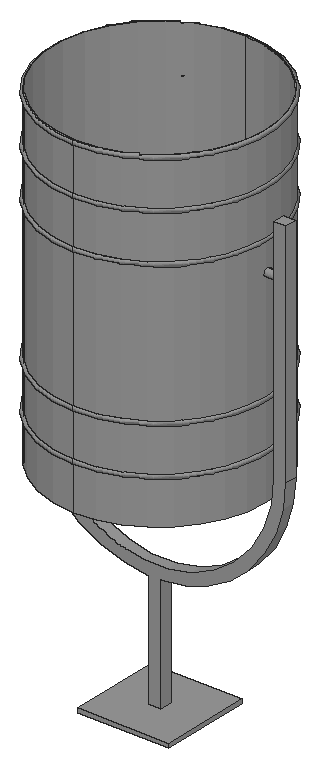
Revit family "Урна Гамма Арт 7328", category Антураж, Revit 2018
Family settings
  На основе рабочей плоскости = Нет
  Всегда вертикально = Да
  При загрузке вырезать с полостями = Нет
  Источник визуального образа = Геометрия семейства
  Общий = Нет
  Точка расчета площади = Нет
Parameters (values of type "Урна Гамма. Версия 20 л")
  Ширина = if(Версия 20л, 275 mm, 300 mm)  # 275 mm
  Цвет урны = Урна
  Цвет каркаса = Сталь
  Описание = if(Версия 20л, "Урна Гамма. Версия 20 л", "Урна Гамма. Версия 30 л")  # "Урна Гамма. Версия 20 л"
  Материал изделия = "Сталь"  # constant formula
  Изображение типоразмера = Урна Гамма Арт 7328.jpg
  Изготовитель = "ООО «Хоббика»"  # constant formula
  Длина = if(Версия 20л, 330 mm, 370 mm)  # 330 mm
  Группа модели = "Уличные урны"  # constant formula
  Высота = if(Версия 20л, 700 mm, 800 mm)  # 700 mm
  Версия 30л = not(Версия 20л)  # no
  Версия 20л = yes
  Артикул товара = "Арт. 7328"  # constant formula
  URL = "https://hobbyka.ru/product/urna_gamma/"
Types (3, lengths in mm): name | Ширина | Описание | Длина | Высота | Версия 30л | Версия 20л
  (no name) | 275 | "Урна Гамма. Версия 20 л" | 330 | 700 | no | yes
  Урна Гамма. Версия 20 л | 275 | "Урна Гамма. Версия 20 л" | 330 | 700 | no | yes
  Урна Гамма. Версия 30 л | 300 | "Урна Гамма. Версия 30 л" | 370 | 800 | yes | no
Reference planes
  plane 1 "По центру (Вперед/Назад)": y = 0
  plane 2: z = 0
  plane 3 "По центру (Влево/Вправо)": x = 0
  plane 4: x = 330
  plane 5: y = 275
  plane 6: z = 700
Dimensions and locks
  "Длина": plane 3 "По центру (Влево/Вправо)" to plane 4
  "Ширина": plane 1 "По центру (Вперед/Назад)" to plane 5
  "Высота": plane 6 to plane 2
  aligned and locked: level to plane 2
  aligned and locked: plane 3 "По центру (Влево/Вправо)" to nested 1
  aligned and locked: plane 3 "По центру (Влево/Вправо)" to nested 2
  aligned and locked: plane 1 "По центру (Вперед/Назад)" to nested 1
  aligned and locked: plane 1 "По центру (Вперед/Назад)" to nested 2
Nested families
  nested 1: "Урна Гамма Арт 7328 30л" at (0, 0, 0), visible <- "Версия 30л", type "Урна Гамма Арт 7328 30л"
  nested 2: "Урна Гамма Арт 7328 20л" at (0, 0, 0), visible <- "Версия 20л", type "Урна Гамма Арт 7328 20л"
Definition of nested family "Урна Гамма Арт 7328 30л"
  Parameters (values of type "Урна Гамма Арт 7328 30л")
    Ширина = 300 mm
    Цвет урны = none
    Цвет каркаса = none
    Длина = 370 mm
    Height = 800 mm
  Reference planes
    plane 1 "По центру (Вперед/Назад)": y = 0
    plane 2: z = 0
    plane 3 "По центру (Влево/Вправо)": x = 0
    plane 4: x = 370
    plane 5: y = 300
    plane 6: z = 800
  Forms (mm)
    Extrusion 1, solid, material <- "Цвет каркаса"
      sketch origin (0, 0, 0) x (1, 0, 0) y (0, 0, 1)
        loop
          arc (0, 335) -> (51.56, 206.864) -> (177.5, 150.152) r 185
          line (177.5, 150.152) -> (177.5, 0) -> (192.5, 0) -> (192.5, 150.152)
          arc (192.5, 150.152) -> (318.44, 206.864) -> (370, 335) r 185
          line (370, 335) -> (370, 705) -> (355, 705) -> (355, 335)
          arc (355, 335) -> (185, 165) -> (15, 335) r 170
          line (15, 335) -> (15, 705) -> (0, 705) -> (0, 335)
      from -142.5 to -157.5
    Extrusion 2, solid, material <- "Цвет каркаса"
      sketch origin (0, 0, 0) x (1, 0, 0) y (0, 1, 0)
        loop
          line (109.5, 225) -> (109.5, 75) -> (259.5, 75) -> (259.5, 225) -> (109.5, 225)
      from 0 to 5
    Sweep 3, solid, material <- "Цвет каркаса"
      path origin (0, 0, 0) x (1, 0, 0) y (0, 0, 1)
        loop
          line (0, 640) -> (370, 640)
      profile origin (185, 0, 640) x (0, 0, 1) y (0, -1, 0)
        loop
          circle (0, -150) r 5
    Revolve 4, solid, material <- "Цвет урны"
      sketch origin (187.5, 0, 0) x (0, 1, 0) y (0, 0, 1)
        loop
          line (150, 322.5) -> (150, 323.5) -> (3.5, 323.5) -> (3.5, 800) -> (2.5, 800)
          arc (2.5, 800) -> (0, 797.5) -> (2.5, 795) r 2.5
          line (2.5, 795) -> (2.5, 733.854)
          arc (2.5, 733.854) -> (0, 731.354) -> (2.5, 728.854) r 2.5
          line (2.5, 728.854) -> (2.5, 673.444)
          arc (2.5, 673.444) -> (0, 670.944) -> (2.5, 668.444) r 2.5
          line (2.5, 668.444) -> (2.5, 442.5)
          arc (2.5, 442.5) -> (0, 440) -> (2.5, 437.5) r 2.5
          line (2.5, 437.5) -> (2.5, 382.5)
          arc (2.5, 382.5) -> (0, 380) -> (2.5, 377.5) r 2.5
          line (2.5, 377.5) -> (2.5, 322.5) -> (150, 322.5)
        axis (150, 322.5) -> (150, 800)
      angle from 0 to 360
    Extrusion 5, void
      sketch origin (0, 0, 0) x (1, 0, 0) y (0, 1, 0)
        loop
          line (41.192, 142.5) -> (333.808, 142.5)
          arc (333.808, 142.5) -> (334, 150) -> (333.808, 157.5) r 146.5
          line (333.808, 157.5) -> (41.192, 157.5)
          arc (41.192, 157.5) -> (41, 150) -> (41.192, 142.5) r 146.5
      from 613.988 to 660.051
  Cuts and joins
    Extrusion 5 cuts Extrusion 1
    Extrusion 5 cuts Extrusion 2
    Extrusion 5 cuts Sweep 3
    joined: Extrusion 1, Extrusion 2, Sweep 3
  Dimensions and locks
    "Длина": plane 3 "По центру (Влево/Вправо)" to plane 4
    "Ширина": plane 5 to plane 1 "По центру (Вперед/Назад)"
    "Height": plane 6 to level
    aligned and locked: level to plane 2
  Automatic sketch dimensions
    Extrusion 2 sketch curve to plane 1 "По центру (Вперед/Назад)" = 75 mm
    Sweep 3 sketch curve to plane 3 "По центру (Влево/Вправо)" = 0 mm
    Sweep 3 sketch curve to plane 4 = 0 mm
    Sweep 3 sketch curve to plane 6 = 160 mm
    plane 3 "По центру (Влево/Вправо)" to Extrusion 5 sketch curve = 41.192 mm  (x2)
    Extrusion 5 sketch curve to plane 4 = 36.192 mm
    Extrusion 5 sketch curve to Extrusion 5 sketch curve = 15 mm
    Extrusion 5 sketch curve to Extrusion 5 sketch curve = 0 mm  (x2)
    Extrusion 5 sketch curve to plane 1 "По центру (Вперед/Назад)" = 142.5 mm
    Extrusion 5 sketch curve to Extrusion 5 sketch curve = 146.308 mm
    Revolve 4 sketch curve to plane 6 = 0 mm
    Revolve 4 sketch curve to plane 6 = 57.5 mm
    Revolve 4 sketch curve to plane 1 "По центру (Вперед/Назад)" = 2.5 mm
    Revolve 4 sketch curve to Revolve 4 sketch curve = 1 mm  (x2)
    Revolve 4 sketch curve to Revolve 4 sketch curve = 146.5 mm  (x2)
    Revolve 4 sketch curve to plane 6 = 2.5 mm
    Revolve 4 sketch curve to Revolve 4 sketch curve = 61.146 mm
    Revolve 4 sketch curve to Revolve 4 sketch curve = 2.5 mm  (x4)
    Revolve 4 sketch curve to Revolve 4 sketch curve = 55.41 mm
    Revolve 4 sketch curve to Revolve 4 sketch curve = 225.944 mm
    Revolve 4 sketch curve to Revolve 4 sketch curve = 55 mm
    Revolve 4 sketch curve to Revolve 4 sketch curve = 54 mm
    Revolve 4 sketch curve to Revolve 4 sketch curve = 0 mm
    Extrusion 1 sketch curve to Extrusion 1 sketch curve = 0 mm  (x5)
    Extrusion 1 sketch curve to plane 3 "По центру (Влево/Вправо)" = 0 mm
    Extrusion 1 sketch curve to level = 0 mm
    Extrusion 1 sketch curve to plane 4 = 0 mm
    plane 3 "По центру (Влево/Вправо)" to Extrusion 1 sketch curve = 15 mm
    Extrusion 1 sketch curve to Extrusion 1 sketch curve = 15 mm
    Extrusion 1 sketch curve to plane 6 = 95 mm  (x2)
    level to Extrusion 1 sketch curve = 150.152 mm
    Extrusion 1 sketch curve to Extrusion 1 sketch curve = 170 mm
    profile plane to Sweep 3 sketch curve = 0 mm
    Sweep 3 sketch curve to plane 1 "По центру (Вперед/Назад)" = 150 mm
    Extrusion 2 sketch curve to plane 5 = 75 mm
    plane 3 "По центру (Влево/Вправо)" to Extrusion 2 sketch curve = 109.5 mm
    Extrusion 2 sketch curve to plane 4 = 110.5 mm
    radius of Sweep 3 sketch curve = 5 mm
Definition of nested family "Урна Гамма Арт 7328 20л"
  Parameters (values of type "Урна Гамма Арт 7328 20л")
    Ширина = 275 mm
    Цвет урны = none
    Цвет каркаса = none
    Длина = 330 mm
    Height = 700 mm
  Reference planes
    plane 1 "По центру (Вперед/Назад)": y = 0
    plane 2: z = 0
    plane 3 "По центру (Влево/Вправо)": x = 0
    plane 4: x = 330
    plane 5: y = 275
    plane 6: z = 700
  Forms (mm)
    Extrusion 1, solid, material <- "Цвет каркаса"
      sketch origin (0, 0, 0) x (1, 0, 0) y (0, 0, 1)
        loop
          arc (0, 315) -> (45.705, 201.01) -> (157.5, 150.171) r 165
          line (157.5, 150.171) -> (157.5, 0) -> (172.5, 0) -> (172.5, 150.171)
          arc (172.5, 150.171) -> (284.295, 201.01) -> (330, 315) r 165
          line (330, 315) -> (330, 605) -> (315, 605) -> (315, 315)
          arc (315, 315) -> (165, 165) -> (15, 315) r 150
          line (15, 315) -> (15, 605) -> (0, 605) -> (0, 315)
      from -130 to -145
    Extrusion 2, solid, material <- "Цвет каркаса"
      sketch origin (0, 0, 0) x (1, 0, 0) y (0, 1, 0)
        loop
          line (107.5, 195) -> (107.5, 80) -> (222.5, 80) -> (222.5, 195) -> (107.5, 195)
      from 0 to 5
    Sweep 3, solid, material <- "Цвет каркаса"
      path origin (0, 0, 0) x (1, 0, 0) y (0, 0, 1)
        loop
          line (0, 540) -> (330, 540)
      profile origin (165, 0, 540) x (0, 0, 1) y (0, -1, 0)
        loop
          circle (0, -137.5) r 5
    Revolve 4, solid, material <- "Цвет урны"
      sketch origin (165, 0, 0) x (0, 1, 0) y (0, 0, 1)
        loop
          line (137.5, 280) -> (137.5, 281) -> (3.5, 281) -> (3.5, 700) -> (2.5, 700)
          arc (2.5, 700) -> (0, 697.5) -> (2.5, 695) r 2.5
          line (2.5, 695) -> (2.5, 640.104)
          arc (2.5, 640.104) -> (0, 637.604) -> (2.5, 635.104) r 2.5
          line (2.5, 635.104) -> (2.5, 579.694)
          arc (2.5, 579.694) -> (0, 577.194) -> (2.5, 574.694) r 2.5
          line (2.5, 574.694) -> (2.5, 400)
          arc (2.5, 400) -> (0, 397.5) -> (2.5, 395) r 2.5
          line (2.5, 395) -> (2.5, 340)
          arc (2.5, 340) -> (0, 337.5) -> (2.5, 335) r 2.5
          line (2.5, 335) -> (2.5, 280) -> (137.5, 280)
        axis (137.5, 280) -> (137.5, 700)
      angle from 0 to 360
    Extrusion 5, void
      sketch origin (0, 0, 0) x (1, 0, 0) y (0, 1, 0)
        loop
          line (31.21, 130) -> (298.79, 130)
          arc (298.79, 130) -> (299, 137.5) -> (298.79, 145) r 134
          line (298.79, 145) -> (31.21, 145)
          arc (31.21, 145) -> (31, 137.5) -> (31.21, 130) r 134
      from 502.742 to 605
  Cuts and joins
    Extrusion 5 cuts Extrusion 1
    Extrusion 5 cuts Extrusion 2
    Extrusion 5 cuts Sweep 3
    joined: Extrusion 1, Extrusion 2, Sweep 3
  Dimensions and locks
    "Длина": plane 3 "По центру (Влево/Вправо)" to plane 4
    "Ширина": plane 5 to plane 1 "По центру (Вперед/Назад)"
    "Height": plane 6 to level
    aligned and locked: level to plane 2
  Automatic sketch dimensions
    Extrusion 1 sketch curve to Extrusion 1 sketch curve = 0 mm  (x6)
    Extrusion 1 sketch curve to plane 3 "По центру (Влево/Вправо)" = 0 mm
    Extrusion 1 sketch curve to level = 0 mm
    Extrusion 1 sketch curve to plane 4 = 0 mm
    Extrusion 1 sketch curve to Extrusion 1 sketch curve = 15 mm  (x2)
    plane 3 "По центру (Влево/Вправо)" to Extrusion 1 sketch curve = 157.5 mm
    Extrusion 1 sketch curve to Extrusion 1 sketch curve = 150 mm
    level to Extrusion 1 sketch curve = 150.171 mm
    Extrusion 1 sketch curve to plane 6 = 95 mm  (x2)
    plane 3 "По центру (Влево/Вправо)" to Extrusion 2 sketch curve = 107.5 mm
    Extrusion 2 sketch curve to plane 4 = 107.5 mm
    Extrusion 2 sketch curve to plane 1 "По центру (Вперед/Назад)" = 80 mm
    Extrusion 2 sketch curve to plane 5 = 80 mm
    Sweep 3 sketch curve to plane 3 "По центру (Влево/Вправо)" = 0 mm
    Sweep 3 sketch curve to plane 4 = 0 mm
    Sweep 3 sketch curve to plane 6 = 160 mm
    profile plane to Sweep 3 sketch curve = 0 mm
    Sweep 3 sketch curve to plane 1 "По центру (Вперед/Назад)" = 137.5 mm
    Revolve 4 sketch curve to plane 6 = 0 mm  (x2)
    Revolve 4 sketch curve to plane 1 "По центру (Вперед/Назад)" = 2.5 mm
    Revolve 4 sketch curve to Revolve 4 sketch curve = 1 mm  (x2)
    Revolve 4 sketch curve to Revolve 4 sketch curve = 134 mm  (x2)
    Revolve 4 sketch curve to Revolve 4 sketch curve = 2.5 mm  (x5)
    Revolve 4 sketch curve to Revolve 4 sketch curve = 54.896 mm
    Revolve 4 sketch curve to Revolve 4 sketch curve = 55.41 mm
    Revolve 4 sketch curve to Revolve 4 sketch curve = 174.694 mm
    Revolve 4 sketch curve to Revolve 4 sketch curve = 55 mm
    Revolve 4 sketch curve to Revolve 4 sketch curve = 54 mm
    Revolve 4 sketch curve to Revolve 4 sketch curve = 0 mm
    plane 3 "По центру (Влево/Вправо)" to Extrusion 5 sketch curve = 31.21 mm  (x2)
    Extrusion 5 sketch curve to plane 4 = 31.21 mm
    Extrusion 5 sketch curve to Extrusion 5 sketch curve = 15 mm
    Extrusion 5 sketch curve to Extrusion 5 sketch curve = 0 mm  (x2)
    Extrusion 5 sketch curve to plane 1 "По центру (Вперед/Назад)" = 130 mm
    Extrusion 5 sketch curve to Extrusion 5 sketch curve = 133.79 mm
    radius of Sweep 3 sketch curve = 5 mm
